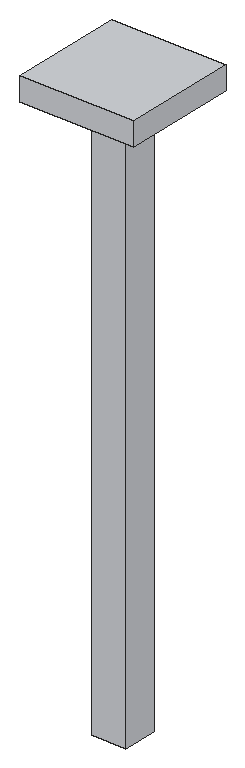
Revit family "KLS - screw wood_furniture", category Generic Models, host Face, Revit 2014
Parameters
  width outside = 100 mm
  width inside = 30 mm
  height outside = 20 mm
  height inside = 500 mm
  Steel = none
  Default Elevation = 1219.2 mm
Reference planes
  plane 1 "Center (Front/Back)": y = 0
  plane 2: z = 0
  plane 3 "Center (Left/Right)": x = 0
  plane 4: y = 30
  plane 5: x = 30
  plane 6: y = 65
  plane 7: x = 65
  plane 8: y = -35
  plane 9: x = -35
  plane 10: z = -500
  plane 11: y = 15
  plane 12: x = 15
  plane 13: z = 20
Forms (mm)
  Extrusion 1, solid, material <- "Steel"
    sketch origin (0, 0, 0) x (1, 0, 0) y (0, 1, 0)
      loop
        line (0, 30) -> (0, 0) -> (30, 0) -> (30, 30) -> (0, 30)
    from 0 to -500
  Extrusion 2, solid, material <- "Steel"
    sketch origin (0, 0, 0) x (1, 0, 0) y (0, 1, 0)
      loop
        line (-35, 65) -> (-35, -35) -> (65, -35) -> (65, 65) -> (-35, 65)
    from 0 to 20
Cuts and joins
  joined: Extrusion 1, Extrusion 2
Dimensions and locks
  "width inside": plane 4 to plane 1 "Center (Front/Back)"
  "width inside": plane 3 "Center (Left/Right)" to plane 5
  equal spacing: plane 6, plane 11, plane 8
  equal spacing: plane 4, plane 11, plane 1 "Center (Front/Back)"
  "width outside": plane 6 to plane 8
  "width outside": plane 9 to plane 7
  equal spacing: plane 9, plane 12, plane 7
  equal spacing: plane 3 "Center (Left/Right)", plane 12, plane 5
  "height inside": level to plane 10
  "height outside": plane 13 to level
  aligned and locked: plane 2 to host face
  aligned and locked: level to host face
  aligned and locked: Extrusion 1 sketch curve to plane 4
  aligned and locked: plane 3 "Center (Left/Right)" to Extrusion 1 sketch curve
  aligned and locked: Extrusion 1 sketch curve to plane 1 "Center (Front/Back)"
  aligned and locked: Extrusion 1 sketch curve to plane 5
  aligned and locked: Extrusion 1 to plane 10
  aligned and locked: Extrusion 2 sketch curve to plane 6
  aligned and locked: plane 9 to Extrusion 2 sketch curve
  aligned and locked: plane 8 to Extrusion 2 sketch curve
  aligned and locked: Extrusion 2 sketch curve to plane 7
  aligned and locked: plane 13 to Extrusion 2
Automatic sketch dimensions
  host sketch curve to host sketch curve = 2438.4 mm  (x2)
